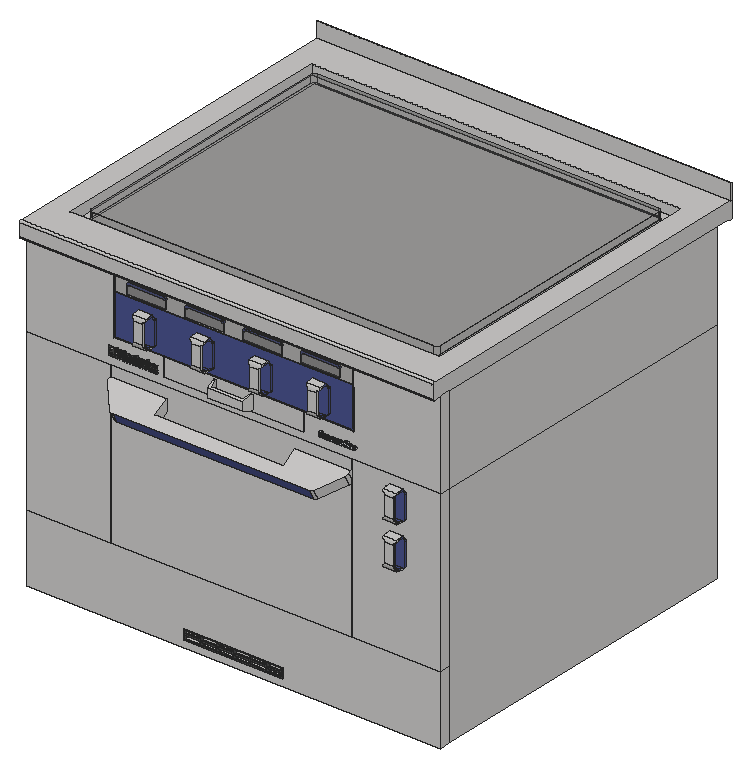
Revit family "QF_ELECTROLUXPROFESSIONAL_589656_MCLLFBJ8AO", category Attrezzature speciali, Revit 2020 (continued)
Definition of nested family "Front_Panel_W1000_Four Knobs"
  Definition of nested family "ELX_Professional_Logo_Small"
    Forms (mm)
      Extrusion 2, solid, material <- "Material_Logo"
        sketch origin (15.5, 0, 0) x (1, 0, 0) y (0, 1, 0)
          loop
            spline (-21.915, 1.897) -> (-21.957, 2.615) -> (-22.082, 3.303) -> (-22.285, 3.955) -> (-22.563, 4.564) -> (-22.913, 5.124) -> (-23.331, 5.629) -> (-23.814, 6.074) -> (-24.359, 6.451) -> (-24.961, 6.755) -> (-25.618, 6.98) -> (-26.326, 7.119) -> (-27.081, 7.167)
            spline (-27.081, 7.167) -> (-27.853, 7.122) -> (-28.586, 6.99) -> (-29.275, 6.774) -> (-29.915, 6.478) -> (-30.5, 6.104) -> (-31.024, 5.657) -> (-31.483, 5.138) -> (-31.871, 4.553) -> (-32.182, 3.904) -> (-32.411, 3.194) -> (-32.552, 2.427) -> (-32.6, 1.606)
            spline (-32.6, 1.606) -> (-32.553, 0.805) -> (-32.416, 0.057) -> (-32.193, -0.637) -> (-31.887, -1.271) -> (-31.504, -1.843) -> (-31.048, -2.35) -> (-30.523, -2.788) -> (-29.934, -3.154) -> (-29.284, -3.444) -> (-28.579, -3.656) -> (-27.822, -3.785) -> (-27.019, -3.829)
            spline (-27.019, -3.829) -> (-26.627, -3.82) -> (-26.239, -3.79) -> (-25.856, -3.739) -> (-25.477, -3.663) -> (-25.103, -3.562) -> (-24.734, -3.432) -> (-24.369, -3.273) -> (-24.01, -3.082) -> (-23.655, -2.858) -> (-23.305, -2.597) -> (-22.96, -2.299) -> (-22.621, -1.962)
            line (-22.621, -1.962) -> (-24.114, -0.509)
            spline (-24.114, -0.509) -> (-24.311, -0.699) -> (-24.509, -0.872) -> (-24.71, -1.03) -> (-24.915, -1.172) -> (-25.126, -1.297) -> (-25.346, -1.407) -> (-25.576, -1.5) -> (-25.817, -1.576) -> (-26.072, -1.636) -> (-26.342, -1.678) -> (-26.629, -1.704) -> (-26.936, -1.713)
            spline (-26.936, -1.713) -> (-27.384, -1.691) -> (-27.805, -1.625) -> (-28.196, -1.518) -> (-28.556, -1.372) -> (-28.882, -1.187) -> (-29.174, -0.966) -> (-29.429, -0.71) -> (-29.645, -0.422) -> (-29.821, -0.102) -> (-29.955, 0.247) -> (-30.045, 0.623) -> (-30.089, 1.026)
            line (-30.089, 1.026) -> (-21.956, 1.026) -> (-21.915, 1.897)
          loop
            spline (-24.446, 2.769) -> (-24.47, 3.075) -> (-24.54, 3.37) -> (-24.654, 3.65) -> (-24.807, 3.913) -> (-24.996, 4.156) -> (-25.219, 4.376) -> (-25.472, 4.57) -> (-25.753, 4.736) -> (-26.057, 4.869) -> (-26.382, 4.968) -> (-26.724, 5.03) -> (-27.081, 5.051)
            spline (-27.081, 5.051) -> (-27.464, 5.03) -> (-27.832, 4.97) -> (-28.183, 4.872) -> (-28.513, 4.74) -> (-28.819, 4.577) -> (-29.099, 4.384) -> (-29.347, 4.165) -> (-29.563, 3.923) -> (-29.742, 3.659) -> (-29.881, 3.377) -> (-29.977, 3.079) -> (-30.027, 2.769)
            line (-30.027, 2.769) -> (-24.446, 2.769)
          loop
            spline (-18.167, 1.669) -> (-18.138, 2.13) -> (-18.055, 2.567) -> (-17.921, 2.978) -> (-17.739, 3.358) -> (-17.512, 3.705) -> (-17.243, 4.016) -> (-16.937, 4.287) -> (-16.596, 4.517) -> (-16.223, 4.7) -> (-15.823, 4.835) -> (-15.398, 4.919) -> (-14.951, 4.947)
            spline (-14.951, 4.947) -> (-14.677, 4.938) -> (-14.414, 4.913) -> (-14.162, 4.871) -> (-13.921, 4.812) -> (-13.69, 4.738) -> (-13.467, 4.649) -> (-13.254, 4.544) -> (-13.048, 4.424) -> (-12.85, 4.291) -> (-12.659, 4.143) -> (-12.474, 3.981) -> (-12.295, 3.806)
            line (-12.295, 3.806) -> (-10.76, 5.403)
            spline (-10.76, 5.403) -> (-11.065, 5.709) -> (-11.38, 5.984) -> (-11.703, 6.228) -> (-12.035, 6.443) -> (-12.375, 6.63) -> (-12.723, 6.788) -> (-13.078, 6.92) -> (-13.44, 7.026) -> (-13.809, 7.107) -> (-14.184, 7.164) -> (-14.564, 7.198) -> (-14.951, 7.209)
            spline (-14.951, 7.209) -> (-15.725, 7.161) -> (-16.467, 7.02) -> (-17.169, 6.792) -> (-17.826, 6.482) -> (-18.43, 6.096) -> (-18.976, 5.637) -> (-19.455, 5.112) -> (-19.862, 4.525) -> (-20.19, 3.882) -> (-20.433, 3.189) -> (-20.584, 2.449) -> (-20.635, 1.669)
            spline (-20.635, 1.669) -> (-20.584, 0.889) -> (-20.433, 0.149) -> (-20.19, -0.545) -> (-19.862, -1.187) -> (-19.455, -1.774) -> (-18.976, -2.299) -> (-18.43, -2.758) -> (-17.826, -3.145) -> (-17.169, -3.454) -> (-16.467, -3.682) -> (-15.725, -3.823) -> (-14.951, -3.871)
            spline (-14.951, -3.871) -> (-14.564, -3.86) -> (-14.184, -3.826) -> (-13.809, -3.77) -> (-13.44, -3.689) -> (-13.078, -3.583) -> (-12.723, -3.451) -> (-12.375, -3.292) -> (-12.035, -3.105) -> (-11.703, -2.89) -> (-11.38, -2.646) -> (-11.065, -2.371) -> (-10.76, -2.066)
            line (-10.76, -2.066) -> (-12.295, -0.468)
            spline (-12.295, -0.468) -> (-12.474, -0.643) -> (-12.659, -0.805) -> (-12.85, -0.953) -> (-13.048, -1.087) -> (-13.254, -1.206) -> (-13.467, -1.311) -> (-13.69, -1.4) -> (-13.921, -1.475) -> (-14.162, -1.533) -> (-14.414, -1.575) -> (-14.677, -1.6) -> (-14.951, -1.609)
            spline (-14.951, -1.609) -> (-15.398, -1.581) -> (-15.823, -1.497) -> (-16.223, -1.362) -> (-16.596, -1.179) -> (-16.937, -0.95) -> (-17.243, -0.678) -> (-17.512, -0.367) -> (-17.739, -0.02) -> (-17.921, 0.36) -> (-18.055, 0.771) -> (-18.138, 1.208) -> (-18.167, 1.669)
          loop
            spline (-4.441, -1.243) -> (-4.659, -1.247) -> (-4.894, -1.23) -> (-5.137, -1.19) -> (-5.384, -1.121) -> (-5.628, -1.021) -> (-5.864, -0.884) -> (-6.084, -0.708) -> (-6.283, -0.488) -> (-6.454, -0.219) -> (-6.592, 0.101) -> (-6.69, 0.478) -> (-6.742, 0.914)
            line (-6.742, 0.914) -> (-6.742, 4.587) -> (-4.487, 4.587) -> (-4.487, 6.838) -> (-6.738, 6.838) -> (-6.738, 10.824) -> (-9.217, 10.824) -> (-9.217, 0.773)
            spline (-9.217, 0.773) -> (-9.164, 0.19) -> (-9.068, -0.358) -> (-8.928, -0.87) -> (-8.742, -1.343) -> (-8.511, -1.777) -> (-8.232, -2.168) -> (-7.904, -2.515) -> (-7.527, -2.816) -> (-7.098, -3.069) -> (-6.618, -3.273) -> (-6.084, -3.426) -> (-5.496, -3.525)
            line (-5.496, -3.525) -> (-4.45, -3.573) -> (-4.441, -1.243)
          loop
            spline (3.898, 6.983) -> (3.469, 7.009) -> (3.056, 7.001) -> (2.661, 6.961) -> (2.283, 6.888) -> (1.925, 6.785) -> (1.588, 6.652) -> (1.272, 6.49) -> (0.979, 6.301) -> (0.71, 6.085) -> (0.465, 5.844) -> (0.247, 5.578) -> (0.056, 5.289)
            line (0.056, 5.289) -> (0.056, 6.838) -> (-2.402, 6.838) -> (-2.402, -3.572) -> (0.056, -3.572) -> (0.056, 1.901)
            spline (0.056, 1.901) -> (0.079, 2.316) -> (0.145, 2.703) -> (0.254, 3.06) -> (0.404, 3.386) -> (0.592, 3.679) -> (0.818, 3.938) -> (1.08, 4.162) -> (1.375, 4.348) -> (1.703, 4.495) -> (2.062, 4.602) -> (2.45, 4.668) -> (2.865, 4.69)
            line (2.865, 4.69) -> (3.898, 4.586) -> (3.898, 6.983)
          loop
            spline (15.638, 1.633) -> (15.586, 2.396) -> (15.435, 3.124) -> (15.192, 3.81) -> (14.863, 4.449) -> (14.455, 5.034) -> (13.975, 5.56) -> (13.43, 6.021) -> (12.826, 6.411) -> (12.17, 6.724) -> (11.469, 6.955) -> (10.729, 7.098) -> (9.958, 7.147)
            spline (9.958, 7.147) -> (9.182, 7.098) -> (8.44, 6.955) -> (7.737, 6.724) -> (7.081, 6.411) -> (6.477, 6.021) -> (5.933, 5.56) -> (5.454, 5.034) -> (5.048, 4.449) -> (4.721, 3.81) -> (4.479, 3.124) -> (4.329, 2.396) -> (4.277, 1.633)
            spline (4.277, 1.633) -> (4.329, 0.869) -> (4.479, 0.141) -> (4.721, -0.544) -> (5.048, -1.183) -> (5.454, -1.768) -> (5.933, -2.294) -> (6.477, -2.755) -> (7.081, -3.145) -> (7.737, -3.459) -> (8.44, -3.69) -> (9.182, -3.833) -> (9.958, -3.882)
            spline (9.958, -3.882) -> (10.729, -3.833) -> (11.469, -3.69) -> (12.17, -3.459) -> (12.826, -3.145) -> (13.43, -2.755) -> (13.975, -2.294) -> (14.455, -1.768) -> (14.863, -1.183) -> (15.192, -0.544) -> (15.435, 0.141) -> (15.586, 0.869) -> (15.638, 1.633)
          loop
            spline (13.18, 1.633) -> (13.151, 2.083) -> (13.067, 2.513) -> (12.932, 2.918) -> (12.748, 3.296) -> (12.52, 3.642) -> (12.251, 3.954) -> (11.943, 4.227) -> (11.601, 4.459) -> (11.228, 4.645) -> (10.828, 4.782) -> (10.403, 4.867) -> (9.958, 4.896)
            spline (9.958, 4.896) -> (9.509, 4.867) -> (9.081, 4.782) -> (8.679, 4.645) -> (8.306, 4.459) -> (7.964, 4.227) -> (7.658, 3.954) -> (7.39, 3.642) -> (7.163, 3.296) -> (6.981, 2.918) -> (6.847, 2.513) -> (6.765, 2.083) -> (6.736, 1.633)
            spline (6.736, 1.633) -> (6.765, 1.182) -> (6.847, 0.753) -> (6.981, 0.347) -> (7.163, -0.031) -> (7.39, -0.377) -> (7.658, -0.689) -> (7.964, -0.962) -> (8.306, -1.193) -> (8.679, -1.38) -> (9.081, -1.517) -> (9.509, -1.602) -> (9.958, -1.631)
            spline (9.958, -1.631) -> (10.403, -1.602) -> (10.828, -1.517) -> (11.228, -1.38) -> (11.601, -1.193) -> (11.943, -0.962) -> (12.251, -0.689) -> (12.52, -0.377) -> (12.748, -0.031) -> (12.932, 0.347) -> (13.067, 0.753) -> (13.151, 1.182) -> (13.18, 1.633)
          loop
            line (17.162, 4.269) -> (17.162, -3.573) -> (19.642, -3.573) -> (19.642, 10.824) -> (17.162, 10.824) -> (17.162, 4.269)
          loop
            line (28.581, 6.838) -> (28.581, 0.786)
            spline (28.581, 0.786) -> (28.561, 0.393) -> (28.503, 0.038) -> (28.409, -0.279) -> (28.281, -0.559) -> (28.122, -0.802) -> (27.933, -1.011) -> (27.717, -1.185) -> (27.476, -1.325) -> (27.213, -1.433) -> (26.929, -1.509) -> (26.626, -1.554) -> (26.308, -1.569)
            spline (26.308, -1.569) -> (25.99, -1.554) -> (25.688, -1.509) -> (25.404, -1.434) -> (25.141, -1.326) -> (24.9, -1.187) -> (24.684, -1.014) -> (24.496, -0.807) -> (24.336, -0.565) -> (24.209, -0.288) -> (24.115, 0.026) -> (24.057, 0.376) -> (24.037, 0.765)
            line (24.037, 0.765) -> (24.037, 6.838) -> (21.537, 6.838) -> (21.537, 0.558)
            spline (21.537, 0.558) -> (21.581, -0.153) -> (21.71, -0.8) -> (21.916, -1.384) -> (22.195, -1.904) -> (22.54, -2.362) -> (22.944, -2.757) -> (23.403, -3.09) -> (23.909, -3.362) -> (24.456, -3.572) -> (25.04, -3.722) -> (25.652, -3.811) -> (26.288, -3.841)
            spline (26.288, -3.841) -> (26.929, -3.811) -> (27.547, -3.72) -> (28.135, -3.568) -> (28.687, -3.355) -> (29.197, -3.079) -> (29.66, -2.741) -> (30.068, -2.341) -> (30.415, -1.877) -> (30.696, -1.349) -> (30.905, -0.757) -> (31.034, -0.101) -> (31.079, 0.621)
            line (31.079, 0.621) -> (31.079, 6.838) -> (28.581, 6.838)
          loop
            line (40.457, -0.243) -> (38.894, 1.942) -> (40.83, 4.579) -> (42.488, 6.837) -> (39.782, 6.837) -> (37.53, 3.719) -> (35.258, 6.837) -> (32.573, 6.837) -> (34.113, 4.731) -> (36.167, 1.922) -> (34.014, -1.076) -> (32.222, -3.573) -> (34.887, -3.573) -> (37.53, 0.104) -> (40.174, -3.573) -> (42.839, -3.573) -> (40.457, -0.243)
          loop
            line (-46.121, -5.837) -> (-48.039, -5.837) -> (-48.039, -10.814) -> (-47.016, -10.814) -> (-47.016, -9.128) -> (-46.121, -9.128)
            arc (-46.121, -9.128) -> (-44.476, -7.482) -> (-46.121, -5.837) r 1.645
          loop
            line (-46.163, -6.778) -> (-47.016, -6.778) -> (-47.016, -8.187) -> (-46.163, -8.187)
            arc (-46.163, -8.187) -> (-45.458, -7.482) -> (-46.163, -6.778) r 0.704
          loop
            line (-38.313, -5.837) -> (-40.265, -5.837) -> (-40.265, -10.814) -> (-39.241, -10.814) -> (-39.241, -9.1) -> (-38.46, -9.182) -> (-37.48, -10.814) -> (-36.318, -10.814) -> (-37.513, -8.848)
            arc (-37.513, -8.848) -> (-36.888, -8.266) -> (-36.671, -7.441) r 1.536
            arc (-36.671, -7.441) -> (-37.165, -6.305) -> (-38.313, -5.837) r 1.643
          loop
            arc (-38.402, -8.166) -> (-37.707, -7.505) -> (-38.334, -6.778) r 0.696
            line (-38.334, -6.778) -> (-39.241, -6.778) -> (-39.241, -8.166) -> (-38.402, -8.166)
          loop
            circle (-29.965, -8.325) r 2.585
          loop
            circle (-29.965, -8.325) r 1.64
          loop
            line (-23.1, -5.837) -> (-23.1, -10.814) -> (-22.076, -10.814) -> (-22.076, -8.768) -> (-20.204, -8.768) -> (-20.204, -7.828) -> (-22.076, -7.828) -> (-22.076, -6.778) -> (-20.024, -6.778) -> (-20.024, -5.837) -> (-23.1, -5.837)
          loop
            line (-15.802, -5.837) -> (-15.802, -9.2)
            arc (-15.802, -9.2) -> (-15.343, -10.34) -> (-14.209, -10.814) r 1.593
            line (-14.209, -10.814) -> (-12.602, -10.814) -> (-12.602, -10.027) -> (-14.004, -10.027)
            arc (-14.004, -10.027) -> (-14.552, -9.8) -> (-14.779, -9.252) r 0.775
            line (-14.779, -9.252) -> (-14.779, -8.424) -> (-12.789, -8.424) -> (-12.789, -7.642) -> (-14.779, -7.642) -> (-14.779, -6.778) -> (-12.651, -6.778) -> (-12.651, -5.837) -> (-15.802, -5.837)
          loop
            line (-5.909, -7.143) -> (-5.173, -6.638)
            arc (-5.173, -6.638) -> (-5.855, -5.974) -> (-6.781, -5.755) r 1.782
            arc (-6.781, -5.755) -> (-7.397, -5.878) -> (-7.944, -6.189) r 1.974
            arc (-7.944, -6.189) -> (-8.202, -6.5) -> (-8.317, -6.888) r 1.013
            arc (-8.317, -6.888) -> (-8.306, -7.341) -> (-8.192, -7.78) r 1.985
            arc (-8.192, -7.78) -> (-7.749, -8.259) -> (-7.171, -8.563) r 1.928
            arc (-7.171, -8.563) -> (-6.637, -8.779) -> (-6.131, -9.056) r 5.041
            arc (-6.131, -9.056) -> (-5.934, -9.387) -> (-6.09, -9.74) r 0.42
            arc (-6.09, -9.74) -> (-6.631, -9.96) -> (-7.204, -9.845) r 1.016
            arc (-7.204, -9.845) -> (-7.625, -9.603) -> (-7.889, -9.196) r 1.033
            line (-7.889, -9.196) -> (-8.67, -9.686)
            arc (-8.67, -9.686) -> (-8.361, -10.198) -> (-7.908, -10.589) r 1.914
            arc (-7.908, -10.589) -> (-7.334, -10.834) -> (-6.714, -10.896) r 2.063
            arc (-6.714, -10.896) -> (-5.947, -10.743) -> (-5.256, -10.376) r 2.696
            arc (-5.256, -10.376) -> (-4.95, -9.565) -> (-5.108, -8.712) r 1.618
            arc (-5.108, -8.712) -> (-5.448, -8.319) -> (-5.884, -8.035) r 1.876
            arc (-5.884, -8.035) -> (-6.434, -7.789) -> (-6.999, -7.577) r 9.883
            arc (-6.999, -7.577) -> (-7.325, -7.07) -> (-6.854, -6.694) r 0.45
            arc (-6.854, -6.694) -> (-6.329, -6.809) -> (-5.909, -7.143) r 1.197
          loop
            line (1.61, -7.143) -> (2.345, -6.638)
            arc (2.345, -6.638) -> (1.663, -5.974) -> (0.737, -5.755) r 1.782
            arc (0.737, -5.755) -> (0.121, -5.878) -> (-0.425, -6.189) r 1.974
            arc (-0.425, -6.189) -> (-0.683, -6.5) -> (-0.799, -6.888) r 1.013
            arc (-0.799, -6.888) -> (-0.788, -7.341) -> (-0.674, -7.78) r 1.985
            arc (-0.674, -7.78) -> (-0.231, -8.259) -> (0.347, -8.563) r 1.928
            arc (0.347, -8.563) -> (0.881, -8.779) -> (1.387, -9.056) r 5.041
            arc (1.387, -9.056) -> (1.584, -9.387) -> (1.428, -9.74) r 0.42
            arc (1.428, -9.74) -> (0.887, -9.96) -> (0.314, -9.845) r 1.016
            arc (0.314, -9.845) -> (-0.107, -9.603) -> (-0.371, -9.196) r 1.033
            line (-0.371, -9.196) -> (-1.152, -9.686)
            arc (-1.152, -9.686) -> (-0.842, -10.198) -> (-0.39, -10.589) r 1.914
            arc (-0.39, -10.589) -> (0.184, -10.834) -> (0.804, -10.896) r 2.063
            arc (0.804, -10.896) -> (1.572, -10.743) -> (2.263, -10.376) r 2.696
            arc (2.263, -10.376) -> (2.568, -9.565) -> (2.411, -8.712) r 1.618
            arc (2.411, -8.712) -> (2.07, -8.319) -> (1.635, -8.035) r 1.876
            arc (1.635, -8.035) -> (1.084, -7.789) -> (0.519, -7.577) r 9.883
            arc (0.519, -7.577) -> (0.193, -7.07) -> (0.665, -6.694) r 0.45
            arc (0.665, -6.694) -> (1.189, -6.809) -> (1.61, -7.143) r 1.197
          loop
            line (6.801, -5.837) -> (6.801, -10.814) -> (7.825, -10.814) -> (7.825, -5.837) -> (6.801, -5.837)
          loop
            circle (14.724, -8.325) r 1.548
          loop
            circle (14.724, -8.325) r 2.585
          loop
            line (21.59, -10.814) -> (22.623, -10.814) -> (22.623, -7.685) -> (24.9, -10.814) -> (25.895, -10.814) -> (25.895, -5.837) -> (24.861, -5.837) -> (24.861, -9.061) -> (22.585, -5.837) -> (21.59, -5.837) -> (21.59, -10.814)
          loop
            line (31.054, -10.814) -> (31.539, -9.74) -> (33.38, -9.74) -> (33.865, -10.814) -> (34.965, -10.814) -> (32.46, -5.837) -> (29.956, -10.814) -> (31.054, -10.814)
          loop
            line (32.46, -7.698) -> (31.999, -8.719) -> (32.921, -8.719) -> (32.46, -7.698)
          loop
            line (40.047, -9.873) -> (40.047, -5.837) -> (39.024, -5.837) -> (39.024, -10.814) -> (41.961, -10.814) -> (41.961, -9.873) -> (40.047, -9.873)
          loop
            line (-74.986, -10.814) -> (-53.322, -10.814) -> (-53.322, 10.82) -> (-74.986, 10.82) -> (-74.986, -10.814)
          loop
            line (-61.261, 9.758) -> (-61.261, -9.707)
            arc (-61.261, -9.707) -> (-54.066, 0.025) -> (-61.261, 9.758) r 10.18
          loop
            line (-62.251, 8.349) -> (-62.251, 9.758)
            arc (-62.251, 9.758) -> (-70.347, 7.918) -> (-74.247, 0.59) r 9.976
            line (-74.247, 0.59) -> (-71.026, 0.59)
            arc (-71.026, 0.59) -> (-65.274, 2.925) -> (-62.251, 8.349) r 9.351
          loop
            arc (-74.247, -0.539) -> (-70.353, -7.928) -> (-62.251, -9.957) r 10.237
            line (-62.251, -9.957) -> (-62.251, -8.298)
            arc (-62.251, -8.298) -> (-65.274, -2.874) -> (-71.026, -0.539) r 9.351
            line (-71.026, -0.539) -> (-74.247, -0.539)
        from 0 to 1.644
    Dimensions and locks
      aligned and locked: plane 2 to Extrusion 1
      aligned and locked: level to Extrusion 1
